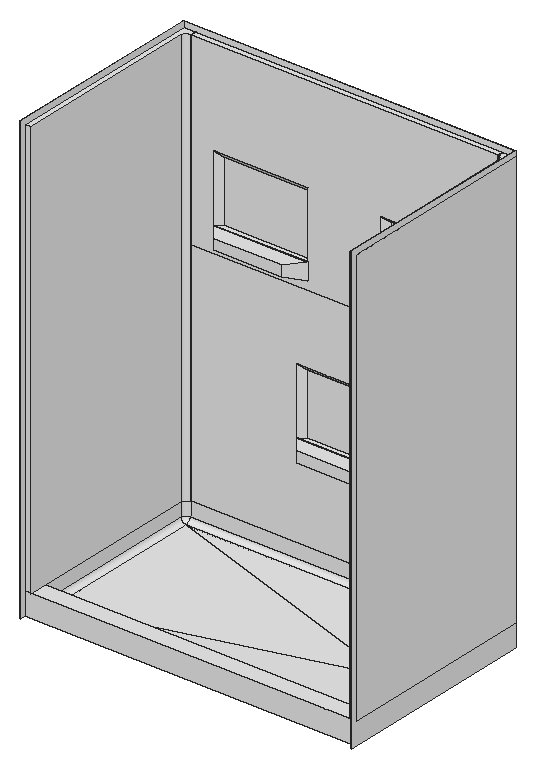
Revit family "5LES6036SQ.V2 L-R", category Plumbing Fixtures, Revit 2019
Family settings
  Round Connector Dimension = Use Diameter
  Part Type = Normal
  OmniClass Number = 23.45.05.14.17
  OmniClass Title = Showers
  Work Plane-Based = No
  Always vertical = Yes
  Cut with Voids When Loaded = No
  Shared = No
  Room Calculation Point = No
Parameters (values of type "5LES6030SQ.V2")
  Unit Width = 60"
  Unit Height = 80 1/2"
  Unit Depth = 37"
  URL = "http://www.bestbath.com/"
  Type Comments = "Remodeler"
  Model = "5LES6030SQ.V2"
  Material [instance] = Best Bath Gelcoat Fiberglass - Smooth
  Manufacturer = "Best Bath Systems, Inc."
  Keynote = "22 40 00.B3"
  Description = "Eight Inch Tile Finish"
  Assembly Code = "D2010710"
Reference planes (in)
  plane 1 "Back": y = -0.5
  plane 2: z = 0
  plane 3 "Left": x = 0
  plane 4: x = 60
  plane 5: z = 4
  plane 6: x = 51.5
  plane 7: y = 35.5
  plane 8: y = 17.5
  plane 9: x = 1.25
  plane 10: x = 58.75
  plane 11: y = 34.25
  plane 12: z = 0.625
  plane 13: z = 0.25
  plane 14: y = -1.5
  plane 15: z = 5
  plane 16: z = 45.5
  plane 17: z = 50.125
  plane 18: z = 80.5
  plane 19: z = 21
  plane 20: x = 30
Forms (in)
  Extrusion 1, solid, material "Best Bath Gelcoat Fiberglass - Smooth"
    sketch origin (0, 0, 0) x (1, 0, 0) y (0, 1, 0)
      loop
        line (0, -0.5) -> (1.25, -0.5) -> (1.25, 33.25)
        arc (1.25, 33.25) -> (1.54289, 33.95711) -> (2.25, 34.25) r 1
        line (2.25, 34.25) -> (57.75, 34.25)
        arc (57.75, 34.25) -> (58.45711, 33.95711) -> (58.75, 33.25) r 1
        line (58.75, 33.25) -> (58.75, -0.5) -> (60, -0.5) -> (60, 35.5) -> (0, 35.5) -> (0, -0.5)
    from 0 to 4
  Extrusion 2, solid, material "Best Bath Gelcoat Fiberglass - Smooth"
    sketch origin (0, 0, 0) x (1, 0, 0) y (0, 1, 0)
      loop
        line (0, -0.5) -> (60, -0.5) -> (60, 35.5) -> (0, 35.5) -> (0, -0.5)
    from 0 to 0.625
  Sweep 3, solid, material "Best Bath Gelcoat Fiberglass - Smooth"
    path origin (0, 0, 0) x (1, 0, 0) y (0, 1, 0)
      loop
        line (58.75, -0.5) -> (58.75, 33.25)
        arc (58.75, 33.25) -> (58.45711, 33.95711) -> (57.75, 34.25) r 1
        line (57.75, 34.25) -> (2.25, 34.25)
        arc (2.25, 34.25) -> (1.54289, 33.95711) -> (1.25, 33.25) r 1
        line (1.25, 33.25) -> (1.25, -0.5)
    profile origin (1.25, 16.375, 0) x (1, 0, 0) y (0, 0, 1)
      loop
        line (0, 0.625) -> (0.9, 0.625)
        arc (0.9, 0.625) -> (0.2636, 0.8886) -> (0, 1.525) r 0.9
        line (0, 1.525) -> (0, 0.625)
  Blend 4, void
    base sketch origin (0, 0, 0) x (1, 0, 0) y (0, 1, 0)
      loop
        line (2.25, 3.5147) -> (57.75, 3.5147) -> (57.75, 33.25) -> (2.25, 33.25) -> (2.25, 3.5147)
    top sketch origin (0, 0, 0) x (1, 0, 0) y (0, 1, 0)
      loop
        circle (51.5, 17.5) r 0.10467
    from 0.625 to 0.25
  Sweep 5, solid, material "Best Bath Gelcoat Fiberglass - Smooth"
    path origin (0, 0, 0) x (1, 0, 0) y (0, 1, 0)
      loop
        line (1.25, -0.5) -> (58.75, -0.5)
    profile origin (30, -0.5, 0) x (0, 1, 0) y (0, 0, 1)
      loop
        line (0, 4) -> (0, 0) -> (4.11592, 0) -> (3.00305, 4) -> (0, 4)
  Extrusion 6, solid, material "Best Bath Gelcoat Fiberglass - Smooth"
    sketch origin (0, 0, 0) x (1, 0, 0) y (0, 1, 0)
      loop
        line (0, -1.5) -> (0.125, -1.5) -> (0.125, 35.375) -> (59.875, 35.375) -> (59.875, -1.5) -> (60, -1.5) -> (60, 35.5) -> (0, 35.5) -> (0, -1.5)
    from 5 to 80.5
  Extrusion 7, void
    sketch origin (0, 6, 0.625) x (0, 1, 0) y (1, 0, 0)
      loop
        line (15.5, 49) -> (15.5, 54) -> (7.5, 54) -> (7.5, 49) -> (15.5, 49)
    from 0 to 0.5
  Extrusion 8, void
    sketch origin (21.5, -4, 0.625) x (0, 1, 0) y (1, 0, 0)
      loop
        circle (21.5, 30) r 1.75
    from 0 to 1.25
  Extrusion 9, solid
    sketch origin (0.25, 2, 0.125) x (0, 1, 0) y (-1, 0, 0)
      loop
        line (19.5, -48.75) -> (11.5, -48.75) -> (11.5, -53.75) -> (19.5, -53.75) -> (19.5, -48.75)
    from 0 to 0.25
  Extrusion 10, solid, material "Best Bath Gelcoat Fiberglass - Smooth"
    sketch origin (0, -0.86165, 0) x (1, 0, 0) y (0, 1, 0)
      loop
        line (2.25, 36.36165) -> (2.25, 35.11165) -> (57.75, 35.11165) -> (57.75, 36.36165) -> (2.25, 36.36165)
    from 4 to 45.5
  Extrusion 11, solid, material "Best Bath Gelcoat Fiberglass - Smooth"
    sketch origin (0, -0.86165, 0) x (1, 0, 0) y (0, 1, 0)
      loop
        line (2.25, 36.36165) -> (2.25, 35.11165) -> (57.75, 35.11165) -> (57.75, 36.36165) -> (2.25, 36.36165)
    from 45.5 to 79.5
  Extrusion 12, solid, material "Best Bath Gelcoat Fiberglass - Smooth"
    sketch origin (0.25, -0.86165, 0) x (1, 0, 0) y (0, 1, 0)
      loop
        line (-0.25, 0.36165) -> (1, 0.36165) -> (1, 34.11165)
        arc (1, 34.11165) -> (1.29289, 34.81875) -> (2, 35.11165) r 1
        line (2, 35.11165) -> (2, 36.36165) -> (-0.25, 36.36165) -> (-0.25, 0.36165)
      loop
        line (59.75, 0.36165) -> (59.75, 36.36165) -> (57.5, 36.36165) -> (57.5, 35.11165)
        arc (57.5, 35.11165) -> (58.20711, 34.81875) -> (58.5, 34.11165) r 1
        line (58.5, 34.11165) -> (58.5, 0.36165) -> (59.75, 0.36165)
    from 4 to 79.5
  Extrusion 13, solid, material "Best Bath Gelcoat Fiberglass - Smooth"
    sketch origin (0, 0, 0) x (1, 0, 0) y (0, 1, 0)
      loop
        line (0, 35.5) -> (0, -1.5) -> (0.125, -1.5) -> (0.125, 35.375) -> (59.875, 35.375) -> (59.875, -1.5) -> (60, -1.5) -> (60, 35.5) -> (0, 35.5)
    from 0 to 5
  Blend 14, solid, material "Best Bath Gelcoat Fiberglass - Smooth"
    base sketch origin (-32.5625, -38.86165, 6.25) x (1, 0, 0) y (0, 0, 1)
      loop
        line (56, 43.875) -> (39, 43.875) -> (39, 40.875) -> (56, 40.875) -> (56, 43.875)
    top sketch origin (-32.5625, -38.86165, 6.25) x (1, 0, 0) y (0, 0, 1)
      loop
        line (41.375, 43.875) -> (41.375, 42) -> (53.625, 42) -> (53.625, 43.875) -> (41.375, 43.875)
    from -73.11165 to -70.11165
  Blend 15, void
    base sketch origin (-32.5625, -39.36165, 6.25) x (1, 0, 0) y (0, 0, 1)
      loop
        line (39, 43.875) -> (56, 43.875) -> (56, 55.875) -> (39, 55.875) -> (39, 43.875)
    top sketch origin (-32.5625, -39.36165, 6.25) x (1, 0, 0) y (0, 0, 1)
      loop
        line (40, 43.875) -> (55, 43.875) -> (55, 54.875) -> (40, 54.875) -> (40, 43.875)
    from -73.61165 to -74.61165
  Blend 16, solid, material "Best Bath Gelcoat Fiberglass - Smooth"
    base sketch origin (92.5625, -38.86165, 6.25) x (-1, 0, 0) y (0, 0, -1)
      loop
        line (56, -43.875) -> (56, -40.875) -> (39, -40.875) -> (39, -43.875) -> (56, -43.875)
    top sketch origin (92.5625, -38.86165, 6.25) x (-1, 0, 0) y (0, 0, -1)
      loop
        line (41.375, -43.875) -> (53.625, -43.875) -> (53.625, -42) -> (41.375, -42) -> (41.375, -43.875)
    from -73.11165 to -70.11165
  Blend 17, void
    base sketch origin (92.5625, -39.36165, 6.25) x (-1, 0, 0) y (0, 0, -1)
      loop
        line (39, -43.875) -> (39, -55.875) -> (56, -55.875) -> (56, -43.875) -> (39, -43.875)
    top sketch origin (92.5625, -39.36165, 6.25) x (-1, 0, 0) y (0, 0, -1)
      loop
        line (40, -43.875) -> (40, -54.875) -> (55, -54.875) -> (55, -43.875) -> (40, -43.875)
    from -73.61165 to -74.61165
  Blend 18, solid, material "Best Bath Gelcoat Fiberglass - Smooth"
    base sketch origin (-17.5, -38.86165, -22.875) x (1, 0, 0) y (0, 0, 1)
      loop
        line (56, 43.875) -> (39, 43.875) -> (39, 40.875) -> (56, 40.875) -> (56, 43.875)
    top sketch origin (-17.5, -38.86165, -22.875) x (1, 0, 0) y (0, 0, 1)
      loop
        line (41.375, 43.875) -> (41.375, 42) -> (53.625, 42) -> (53.625, 43.875) -> (41.375, 43.875)
    from -73.11165 to -70.11165
  Blend 19, void
    base sketch origin (-17.5, -39.36165, -22.875) x (1, 0, 0) y (0, 0, 1)
      loop
        line (39, 43.875) -> (56, 43.875) -> (56, 55.875) -> (39, 55.875) -> (39, 43.875)
    top sketch origin (-17.5, -39.36165, -22.875) x (1, 0, 0) y (0, 0, 1)
      loop
        line (40, 43.875) -> (55, 43.875) -> (55, 54.875) -> (40, 54.875) -> (40, 43.875)
    from -73.61165 to -74.61165
Cuts and joins
  Blend 4, Extrusion 7, Extrusion 8 cuts Extrusion 1
  Blend 4, Extrusion 7, Extrusion 8 cuts Extrusion 2
  Blend 4, Extrusion 7, Extrusion 8 cuts Sweep 3
  Extrusion 7, Extrusion 8 cuts Sweep 5
  Extrusion 7, Extrusion 8 cuts Extrusion 6
  joined: Extrusion 1, Extrusion 2, Sweep 3, Sweep 5, Extrusion 6, Extrusion 13
  Blend 15, Blend 19 cuts Extrusion 10
  Blend 15, Blend 17, Blend 19 cuts Extrusion 11
Dimensions and locks (in)
  "Unit Width": plane 3 "Left" to plane 4
  locked: plane 7 to plane 11 at 1.25
  locked: plane 10 to plane 4 at 1.25
  locked: plane 3 "Left" to plane 9 at 1.25
  locked: plane 7 to plane 8 at 18
  locked: plane 12 to plane 13 at 0.375
  locked: plane 12 to level at 0.625
  locked: plane 14 to plane 1 "Back" at 1
  "Unit Depth": plane 7 to plane 14
  "Unit Height": plane 18 to level
  plane 16 to plane 5 = 41 1/2"
  locked: plane 17 to plane 5 at 46.125
  locked: plane 19 to plane 5 at 17
  locked: plane 6 to plane 4 at 8.5
  locked: Blend 15 sketch curve to Blend 15 sketch curve at 17
  locked: var sketch to Blend 15 sketch curve at 1  (x3)
  Blend 15 sketch curve to Blend 14 = 11"
  locked: var sketch to Blend 14 sketch curve at 2.375
  locked: Blend 14 sketch curve to var sketch at 2.375
  locked: Blend 14 sketch curve to var sketch at 1.125
  locked: Blend 17 sketch curve to Blend 17 sketch curve at 17
  locked: Blend 17 sketch curve to var sketch at 1
  locked: var sketch to Blend 17 sketch curve at 1  (x2)
  Blend 16 to Blend 17 sketch curve = 11"
  locked: var sketch to Blend 16 sketch curve at 2.375
  locked: Blend 16 sketch curve to var sketch at 2.375
  locked: var sketch to Blend 16 sketch curve at 1.125
  locked: Blend 19 sketch curve to Blend 19 sketch curve at 17
  locked: var sketch to Blend 19 sketch curve at 1  (x3)
  Blend 19 sketch curve to Blend 18 = 11"
  locked: var sketch to Blend 18 sketch curve at 2.375
  locked: Blend 18 sketch curve to var sketch at 2.375
  locked: Blend 18 sketch curve to var sketch at 1.125
  aligned and locked: level to plane 2
  aligned and locked: Sweep 3 to plane 12
  aligned and locked: Sweep 3 sketch curve to plane 12
  aligned and locked: Extrusion 2 to plane 12
  aligned and locked: plane 8 to Blend 4 sketch curve
  aligned and locked: plane 6 to Blend 4 sketch curve
  aligned and locked: Extrusion 2 to Blend 4
  aligned and locked: Blend 4 to plane 13
  aligned and locked: plane 5 to Extrusion 1
  aligned and locked: plane 5 to Sweep 5
  aligned and locked: Extrusion 9 to cut or joined group 1 (Extrusion 1, Extrusion 2, Sweep 3, Blend 4, Sweep 5, Extrusion 6, Extrusion 7, Extrusion 8, Extrusion 13)  (x3)
  aligned and locked: cut or joined group 1 to Extrusion 9
  aligned and locked: Extrusion 11 to Extrusion 10
  aligned and locked: Extrusion 13 to Extrusion 6
  aligned and locked: plane 18 to Extrusion 6
  aligned and locked: Extrusion 10 to Extrusion 11
  aligned and locked: Extrusion 11 to cut or joined group 1
  aligned and locked: Extrusion 11 to plane 16
Automatic sketch dimensions
  Extrusion 1 sketch curve to plane 3 "Left" = 0"
  Extrusion 1 sketch curve to plane 9 = 0"
  Extrusion 1 sketch curve to plane 11 = 0"
  plane 1 "Back" to Extrusion 1 sketch curve = 0"  (x2)
  Extrusion 1 sketch curve to plane 10 = 0"
  Extrusion 1 sketch curve to plane 4 = 0"
  Extrusion 1 sketch curve to plane 7 = 0"
  plane 9 to Extrusion 1 sketch curve = 1"
  Extrusion 1 sketch curve to plane 10 = 1"
  Extrusion 2 sketch curve to plane 3 "Left" = 0"
  Extrusion 2 sketch curve to plane 4 = 0"
  plane 1 "Back" to Extrusion 2 sketch curve = 0"
  Extrusion 2 sketch curve to plane 7 = 0"
  plane 1 "Back" to Sweep 3 sketch curve = 0"  (x2)
  Sweep 3 sketch curve to plane 9 = 0"
  Sweep 3 sketch curve to plane 11 = 0"
  Sweep 3 sketch curve to plane 10 = 0"
  plane 9 to Sweep 3 sketch curve = 1"
  Sweep 3 sketch curve to Sweep 3 sketch curve = 1"
  profile plane to Sweep 3 sketch curve = 0"
  Sweep 3 sketch curve to profile plane = 0.9"
  plane 9 to Blend 4 sketch curve = 1"
  Blend 4 sketch curve to plane 10 = 1"
  Blend 4 sketch curve to plane 1 "Back" = 4.0147"
  Blend 4 sketch curve to plane 11 = 1"
  plane 1 "Back" to Sweep 5 sketch curve = 0"
  Sweep 5 sketch curve to plane 9 = 0"
  Sweep 5 sketch curve to plane 10 = 0"
  Sweep 5 sketch curve to level = 0"
  Sweep 5 sketch curve to profile plane = 0"
  Sweep 5 sketch curve to Sweep 5 sketch curve = 3.00305"
  Sweep 5 sketch curve to Sweep 5 sketch curve = 4.11592"
  level to Sweep 5 sketch curve = 4"
  Extrusion 6 sketch curve to plane 3 "Left" = 0"
  Extrusion 6 sketch curve to plane 14 = 0"  (x2)
  Extrusion 6 sketch curve to plane 4 = 0"
  Extrusion 6 sketch curve to plane 7 = 0"
  plane 3 "Left" to Extrusion 6 sketch curve = 1/8"
  plane 4 to Extrusion 6 sketch curve = 1/8"
  Extrusion 6 sketch curve to plane 7 = 1/8"
  Extrusion 7 sketch curve to Extrusion 2 = 14"
  Extrusion 7 sketch curve to Extrusion 7 sketch curve = 8"
  Extrusion 7 sketch curve to Extrusion 2 = 6"
  Extrusion 7 sketch curve to Extrusion 7 sketch curve = 5"
  Extrusion 8 sketch curve to Extrusion 2 = 8 1/2"
  Extrusion 8 sketch curve to Extrusion 2 = 18"
  Extrusion 9 sketch curve to Extrusion 7 = 0"  (x4)
  Extrusion 10 sketch curve to plane 11 = 0"
  Extrusion 10 sketch curve to plane 7 = 0"
  plane 9 to Extrusion 10 sketch curve = 1"
  Extrusion 10 sketch curve to plane 10 = 1"
  Extrusion 11 sketch curve to plane 11 = 0"
  Extrusion 11 sketch curve to plane 7 = 0"
  plane 9 to Extrusion 11 sketch curve = 1"
  Extrusion 11 sketch curve to plane 10 = 1"
  Extrusion 12 sketch curve to plane 3 "Left" = 0"
  plane 1 "Back" to Extrusion 12 sketch curve = 0"  (x2)
  Extrusion 12 sketch curve to plane 9 = 0"
  Extrusion 12 sketch curve to plane 11 = 0"  (x2)
  Extrusion 12 sketch curve to plane 7 = 0"  (x2)
  Extrusion 12 sketch curve to plane 10 = 0"
  Extrusion 12 sketch curve to plane 4 = 0"
  Extrusion 12 sketch curve to Extrusion 12 sketch curve = 1"
  Extrusion 12 sketch curve to plane 10 = 1"
  Extrusion 13 sketch curve to plane 3 "Left" = 0"
  Extrusion 13 sketch curve to plane 14 = 0"  (x2)
  Extrusion 13 sketch curve to plane 4 = 0"
  Extrusion 13 sketch curve to plane 7 = 0"
  plane 3 "Left" to Extrusion 13 sketch curve = 1/8"
  plane 4 to Extrusion 13 sketch curve = 1/8"
  Extrusion 13 sketch curve to plane 7 = 1/8"
  Blend 14 sketch curve to plane 17 = 0"  (x2)
  plane 9 to Blend 14 sketch curve = 5 3/16"
  plane 16 to Blend 14 sketch curve = 1 5/8"
  plane 20 to Blend 14 sketch curve = 6 9/16"
  Blend 15 sketch curve to plane 17 = 0"  (x2)
  plane 9 to Blend 15 sketch curve = 5 3/16"
  plane 17 to Blend 15 sketch curve = 12"
  Blend 16 sketch curve to plane 17 = 0"  (x2)
  Blend 16 sketch curve to plane 6 = 2 1/16"
  plane 16 to Blend 16 sketch curve = 1 5/8"
  Blend 16 sketch curve to plane 20 = 6 9/16"
  Blend 17 sketch curve to plane 17 = 0"  (x2)
  Blend 17 sketch curve to plane 6 = 2 1/16"
  Blend 17 sketch curve to Blend 17 sketch curve = 12"
  Blend 18 sketch curve to plane 19 = 0"  (x2)
  plane 20 to Blend 18 sketch curve = 8 1/2"
  Blend 18 sketch curve to plane 19 = 3"
  Blend 18 sketch curve to plane 20 = 8 1/2"
  Blend 19 sketch curve to plane 19 = 0"  (x2)
  plane 20 to Blend 19 sketch curve = 8 1/2"
  plane 19 to Blend 19 sketch curve = 12"
  radius of Blend 4 sketch curve = 0.10467"
  radius of Extrusion 8 sketch curve = 1 3/4"
